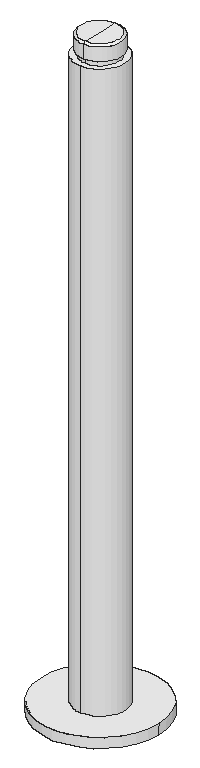
Revit family "Reece_Shower_Milli_Mood Edit_Shower Arm_Vertical_300mm", category Plumbing Fixtures, host Face, Revit 2018
Family settings
  Host = Face
  Round Connector Dimension = Use Diameter
  Part Type = Normal
  Cut with Voids When Loaded = No
  Shared = Yes
  Room Calculation Point = Yes
Parameters (values of type "Chrome")
  WFU = 0  # constant formula
  URL = "https://www.reece.com.au/product/-2263292"
  Type Comments = "Shower"
  Reece_Shower_Inlet = 12 mm  # constant formula
  Reece_Product_Web Page = "https://www.reece.com.au/product/-2263292"
  Reece_Product_Type = "Shower"  # constant formula
  Reece_Product_Sub Brand = "Mood Edit"  # constant formula
  Reece_Product_Number = "2263292"
  Reece_Product_Mount = "Ceiling Mounted"
  Reece_Product_Description = "Milli Mood Edit Vertical Shower Arm 300mm Chrome"
  Reece_Product_Brand = "Milli"  # constant formula
  Reece_Overall_Width = 60 mm  # constant formula
  Reece_Overall_Length = 300 mm  # constant formula
  Reece_Material_Main = Reece_Brass_Chrome
  Reece_Detail_Disclaimer = "THIS FILE IS THE PROPERTY OF THE REECE GROUP. IT MAY NOT BE REPRODUCED, REVERSE-ENGINEERED OR MODIFIED. ANY REPUBLICATION, TRANSMISSION OR DISTRIBUTION FOR THE PURPOSE OF COMMERCIALLY EXPLOITING THE FILES IS PROHIBITED."  # constant formula
  Reece_Detail_Additional = "Vertical"  # constant formula
  Model = "Mood Edit"
  Manufacturer = "Milli"
  Keynote = "Product #2263292, Reece_Shower_Milli_Mood Edit_Shower Arm_Vertical_300mm - Chrome"
  HWFU = 0  # constant formula
  Disclaimer = "THIS FILE IS THE PROPERTY OF THE REECE GROUP. IT MAY NOT BE REPRODUCED, REVERSE-ENGINEERED OR MODIFIED. ANY REPUBLICATION, TRANSMISSION OR DISTRIBUTION FOR THE PURPOSE OF COMMERCIALLY EXPLOITING THE FILES IS PROHIBITED."  # constant formula
  Description = "Milli Mood Edit Vertical Shower Arm 300mm Chrome"
  Default Elevation = 0 mm  # constant formula
  CWFU = 0  # constant formula
Types (9, lengths in mm): name | URL | Reece_Product_Web Page | Reece_Product_Number | Reece_Product_Description | Reece_Material_Main | Keynote | Description
  Chrome | "https://www.reece.com.au/product/-2263292" | "https://www.reece.com.au/product/-2263292" | "2263292" | "Milli Mood Edit Vertical Shower Arm 300mm Chrome" | Reece_Brass_Chrome | "Product #2263292, Reece_Shower_Milli_Mood Edit_Shower Arm_Vertical_300mm - Chrome" | "Milli Mood Edit Vertical Shower Arm 300mm Chrome"
  Matte Black | "https://www.reece.com.au/product/-2281235" | "https://www.reece.com.au/product/-2281235" | "2281235" | "Milli Mood Edit Vertical Shower Arm 300mm Matte Black" | Reece_Brass_Matte Black | "Product #2281235, Reece_Shower_Milli_Mood Edit_Shower Arm_Vertical_300mm - Matte Black" | "Milli Mood Edit Vertical Shower Arm 300mm Matte Black"
  Brushed Nickel | "https://www.reece.com.au/product/-2299276" | "https://www.reece.com.au/product/-2299276" | "2299276" | "Milli Mood Edit Vertical Shower Arm 300mm Brushed Nickel" | Reece_Brass_Brushed Nickel | "Product #2299276, Reece_Shower_Milli_Mood Edit_Shower Arm_Vertical_300mm - Brushed Nickel" | "Milli Mood Edit Vertical Shower Arm 300mm Brushed Nickel"
  Brushed Gunmetal | "https://www.reece.com.au/product/-2281313" | "https://www.reece.com.au/product/-2281313" | "2281313" | "Milli Mood Edit Vertical Shower Arm 300mm Brushed Gunmetal" | Reece_Brass_Brushed Gunmetal | "Product #2281313, Reece_Shower_Milli_Mood Edit_Shower Arm_Vertical_300mm - Brushed Gunmetal" | "Milli Mood Edit Vertical Shower Arm 300mm Brushed Gunmetal"
  PVD Brushed Bronze | "https://www.reece.com.au/product/-9511098" | "https://www.reece.com.au/product/-9511098" | "9511098" | "Milli Mood Edit Vertical Shower Arm 300mm PVD Brushed Bronze" | Reece_PVD_Brushed Bronze | "Product #9511098, Reece_Shower_Milli_Mood Edit_Shower Arm_Vertical_300mm - PVD Brushed Bronze" | "Milli Mood Edit Vertical Shower Arm 300mm PVD Brushed Bronze"
  PVD Brushed Gold | "https://www.reece.com.au/product/-9510913" | "https://www.reece.com.au/product/-9510913" | "9510913" | "Milli Mood Edit Vertical Shower Arm 300mm PVD Brushed Gold" | Reece_PVD_Brushed Gold | "Product #9510913, Reece_Shower_Milli_Mood Edit_Shower Arm_Vertical_300mm - PVD Brushed Gold" | "Milli Mood Edit Vertical Shower Arm 300mm PVD Brushed Gold"
  PVD Brushed Gunmetal | "https://www.reece.com.au/product/-9511772" | "https://www.reece.com.au/product/-9511772" | "9511772" | "Milli Mood Edit Vertical Shower Arm 300mm PVD Brushed Gunmetal" | Reece_PVD_Brushed Gunmetal | "Product #9511772, Reece_Shower_Milli_Mood Edit_Shower Arm_Vertical_300mm - PVD Brushed Gunmetal" | "Milli Mood Edit Vertical Shower Arm 300mm PVD Brushed Gunmetal"
  PVD Brushed Nickel | "https://www.reece.com.au/product/-9511587" | "https://www.reece.com.au/product/-9511587" | "9511587" | "Milli Mood Edit Vertical Shower Arm 300mm PVD Brushed Nickel" | Reece_PVD_Brushed Nickel | "Product #9511587, Reece_Shower_Milli_Mood Edit_Shower Arm_Vertical_300mm - PVD Brushed Nickel" | "Milli Mood Edit Vertical Shower Arm 300mm PVD Brushed Nickel"
  PVD Matte Black | "https://www.reece.com.au/product/-9511402" | "https://www.reece.com.au/product/-9511402" | "9511402" | "Milli Mood Edit Vertical Shower Arm 300mm PVD Matte Black" | Reece_PVD_Matte Black | "Product #9511402, Reece_Shower_Milli_Mood Edit_Shower Arm_Vertical_300mm - PVD Matte Black" | "Milli Mood Edit Vertical Shower Arm 300mm PVD Matte Black"
Reference planes
  plane 1 "Center (Front/Back)": y = 0
  plane 2: z = 0
  plane 3 "Center (Left/Right)": x = 0
  plane 4: z = 300
  plane 5: x = 30
  plane 6: x = -30
Forms (mm)
  Extrusion 1, solid, material "Reece_Brass_Chrome" <- "Reece_Material_Main"
    sketch origin (0, 0, 0) x (1, 0, 0) y (0, 1, 0)
      loop
        circle (0, 0) r 30
    from 0 to 5
  Sweep 2, solid, material "Reece_Brass_Chrome" <- "Reece_Material_Main"
    path origin (0, 0, 0) x (0, 1, 0) y (0, 0, 1)
      loop
        line (0, 5) -> (0, 300)
    profile origin (0, 0, 5) x (0, -1, 0) y (1, 0, 0)
      loop
        circle (0, 0) r 12.5
  Revolve 3, solid, material "Reece_Brass_Chrome" <- "Reece_Material_Main"
    sketch origin (0, 71.186, -16.767) x (0, 1, 0) y (0, 0, 1)
      loop
        line (-71.186, 326.767) -> (-71.186, 316.767) -> (-61.686, 316.767) -> (-61.686, 319.267) -> (-60.686, 319.267) -> (-60.686, 325.767) -> (-61.686, 326.767) -> (-71.186, 326.767)
      axis (-71.186, 326.767) -> (-71.186, 316.767)
    angle from 0 to 360
Cuts and joins
  joined: Extrusion 1, Sweep 2, Revolve 3
Text (mm)
  text "Reece Copyright © 2018, Reece Ltd." at (-260.256, -149.578, 0), in view "Ref. Level"
  text "Reece © " at (369.452, -812.879, 499.876), in view "Reece_Preview"
  text "Reece Copyright © 2018, Reece Ltd." at (-258.854, -19.522, 0), in view "Ref. Level"
Dimensions and locks
  plane 4 to plane 2 = 300 mm
  plane 6 to plane 5 = 60 mm
  equal spacing: plane 5, plane 3 "Center (Left/Right)", plane 6
  aligned and locked: host face to plane 2
  aligned and locked: level to host face
  aligned and locked: Extrusion 1 to plane 2
  aligned and locked: Sweep 2 sketch curve to Revolve 3
Automatic sketch dimensions
  host sketch curve to host sketch curve = 246.061 mm
  host sketch curve to host sketch curve = 257.247 mm
  plane 1 "Center (Front/Back)" to Extrusion 1 sketch curve = 0 mm
  Extrusion 1 sketch curve to plane 3 "Center (Left/Right)" = 0 mm
  Sweep 2 sketch curve to plane 1 "Center (Front/Back)" = 0 mm
  Sweep 2 sketch curve to plane 3 "Center (Left/Right)" = 0 mm
  Sweep 2 sketch curve to profile plane = 0 mm
  Revolve 3 sketch curve to plane 1 "Center (Front/Back)" = 0 mm  (x2)
  Revolve 3 sketch curve to plane 4 = 0 mm
  plane 4 to Revolve 3 sketch curve = 2.5 mm
  Revolve 3 sketch curve to plane 1 "Center (Front/Back)" = 9.5 mm
  Revolve 3 sketch curve to Revolve 3 sketch curve = 0 mm
  Revolve 3 sketch curve to Revolve 3 sketch curve = 1 mm  (x2)
  Revolve 3 sketch curve to Revolve 3 sketch curve = 6.5 mm
  Revolve 3 sketch curve to plane 4 = 126.95 mm
  Revolve 3 sketch curve to Revolve 3 sketch curve = 160.641 mm
  level to Sweep 2 sketch curve = 5 mm
  radius of Extrusion 1 sketch curve = 30 mm
  radius of Sweep 2 sketch curve = 12.5 mm
Connectors
  piping at (0, 0, 0), diameter 12, driven by "Reece_Shower_Inlet"
    settings: on Extrusion 1, index 2, connector inside diameter 609.6 mm, connector length 0 mm, flow factor 0, pipe flow 0.0 L/s, pressure drop 0.0 Pa, fitting loss kfactor 0, connector angle 0.00°, fixture units 0, engagement length 0 mm, angle of deflection 0.00°, flow configuration 0, flow direction 1, fitting loss method 0, system type 29, joint type 0, gender type 0, connector reference index -1, connector utility 0, adjustable connector no, is connector primary yes, connector description ""
